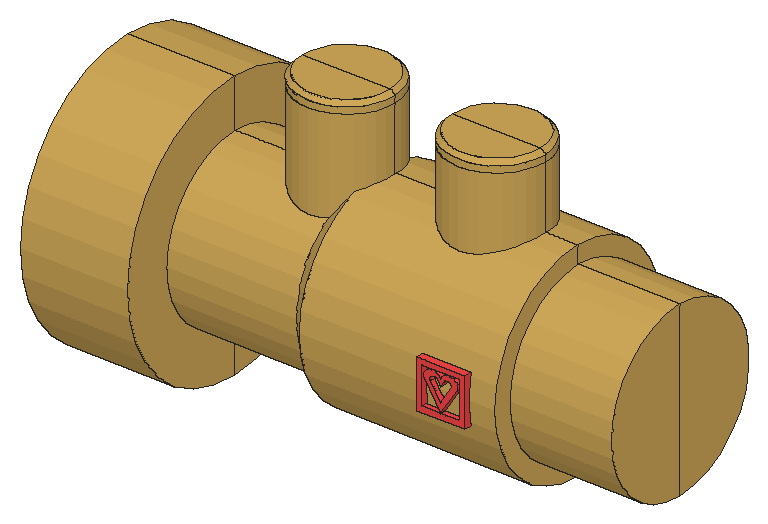
Revit family "Обратный клапан 2623", category Rohrzubehör, Revit 2020
Family settings
  Bemaßung runder Anschluss = Durchmesser verwenden
  Teiletyp = Unterbricht
  OmniClass-Nummer = 23.65.55.14
  OmniClass-Titel = Valves for Liquid Services
  Arbeitsebenenbasiert = Nein
  Immer vertikal = Ja
  Beim Laden mit Abzugskörper schneiden = Nein
  Gemeinsam genutzt = Nein
Parameters
  Уплотнение = "EPDM"  # constant formula
  Резьба = "согласно ISO 228"  # constant formula
  Примечание = "В соответствии со статьей 33 Регламента REACH (Registration; Evaluation; Authorisation; Restriction of Chemicals) (EC № 1907/2006) мы обязаны указать, что свинец внесен в список SVHC (Substances of Very High Concern - вещества очень высокой важности) и весовой процент свинца во всех латунных компонентах заводского изготовления в наших изделиях, превышает 0,1 % (w/w) (CAS: 7439-92-1 / EINECS: 231-100-4).\r\nПоскольку свинец является легирующим компонентом сплава, прямое негативное влияние исключается, и поэтому дополнительной информации о безопасном использовании не требуется."
  Область применения = "Может использоваться в системах отопления, в инженерных системах и сооружениях для предотвращения движения потока в обратном направлении.\r\nЭто изделие может использоваться с различными средами, при этом жидкости должны быть чистыми.\r\nКлапан может монтироваться в любом положении.\r\nНаправление движения потока указано стрелкой на корпусе клапана.\r\nОбратный клапан подпружинен с помощью осевой направляющей и может работать как при высоком, так и при низком давлении.\r\nВ корпусе есть два отверстия для замеров, в каждое из которых установлены заглушки 1/4\"."
  Номер заказа [instance] = size_lookup("2623_", "Artnr", 0, Nennweite)  # 1262304
  Мин. рабочая температура (вода) = 0.5 °C  # constant formula
  Мин. рабочая температура = -10 °C  # constant formula
  Макс. рабочее давление = 1600000.0 Pa  # constant formula
  Макс. рабочая температура = 95 °C  # constant formula
  Корпус = "штампованная латунь согласно EN 12420"  # constant formula
  W01 = 45.00°  # constant formula
  Vorgabe-Ansicht = 0.00 mm
  URL = "www.herz-armaturen.ru"
  Заглушка = "латунь"  # constant formula
  SC_NennweiteBerechnet = 0
  SC_Dimension = ""
  SCTWSEQ = "FW;SBT_TYP_FW=\"108\";2"
  SCTWCODE = "04;14;02"  # constant formula
  S03 = 10.00 mm  # constant formula
  S02 [instance] = L00 / 2  # 44.00 mm
  S01 [instance] = (L00 / 2) + L07 - L06  # 59.00 mm
  Обратный клапан = "POM (корпус),  NBR (O-Ring), нержавеющая сталь AISI 302 (пружина)"  # constant formula
  R01 = 9.00 mm  # constant formula
  Nennweite [instance] = 32.00 mm
  Среда = "чистая вода"  # constant formula
  LO1 [instance] = if(Nennweite = 20.00 mm, 18.00 mm, if(Nennweite = 25.00 mm, 18.00 mm, if(Nennweite = 32.00 mm, 24.00 mm, 1.00 mm)))  # 24.00 mm
  L07 [instance] = size_lookup("2623_", "L7", 1.00 mm, Nennweite)  # 20.00 mm
  L06 [instance] = size_lookup("2623_", "L6", 1.00 mm, Nennweite)  # 5.00 mm
  L05 [instance] = size_lookup("2623_", "L5", 1.00 mm, Nennweite) + L04  # 53.90 mm
  L04 [instance] = size_lookup("2623_", "L4", 1.00 mm, Nennweite)  # 25.90 mm
  L03 [instance] = size_lookup("2623_", "L3", 1.00 mm, Nennweite)  # 19.00 mm
  L02 [instance] = size_lookup("2623_", "L2", 1.00 mm, Nennweite)  # 32.50 mm
  L01 [instance] = size_lookup("2623_", "L1", 1.00 mm, Nennweite)  # 2.50 mm
  L00 [instance] = size_lookup("2623_", "L", 1.00 mm, Nennweite)  # 88.00 mm
  IG [instance] = Nennweite / 2  # 16.00 mm
  Hersteller = "HERZ Armaturen Ges.m.b.H."  # constant formula
  H02 = 2.00 mm  # constant formula
  H01 [instance] = size_lookup("2623_", "H1", 1.00 mm, Nennweite)  # 31.00 mm
  GT [instance] = size_lookup("2623_", "GT", 1.00 mm, Nennweite)  # 12.00 mm
  Накидная гайка = "штампованная латунь"  # constant formula
  D04 [instance] = size_lookup("2623_", "D4", 1.00 mm, Nennweite)  # 25.00 mm
  D03 [instance] = size_lookup("2623_", "D3", 1.00 mm, Nennweite)  # 19.30 mm
  D02 [instance] = size_lookup("2623_", "D2", 1.00 mm, Nennweite)  # 16.00 mm
  D01 [instance] = size_lookup("2623_", "D1", 1.00 mm, Nennweite)  # 18.90 mm
  AG [instance] = Nennweite / 2  # 16.00 mm
Reference planes
  plane 1 "Mitte (Vorne/hinten)": y = 0
  plane 2: z = 0
  plane 3 "Mitte (Links/rechts)": x = 0
Forms (mm)
  Revolve 1, solid, material "Messing, weicher Gelbton, geschweißt", detail levels fine
    sketch origin (0, 0, 0) x (1, 0, 0) y (0, 0, 1)
      loop
        line (-44, 0) -> (44, 0) -> (44, 16) -> (25, 16) -> (25, 19.3) -> (-11.5, 19.3) -> (-14.8, 16) -> (-41.5, 16) -> (-41.5, 18.9) -> (-44, 18.9) -> (-44, 0)
      axis (-44, 0) -> (44, 0)
    angle from 0 to 360
  Revolve 2, solid, material "Messing, weicher Gelbton, geschweißt", detail levels fine
    sketch origin (0, 0, 0) x (1, 0, 0) y (0, 0, 1)
      loop
        line (-18.1, 0) -> (-9.1, 0) -> (-9.1, 31) -> (-18.1, 31) -> (-18.1, 0)
      axis (-18.1, 31) -> (-18.1, 0)
    angle from 0 to 360
  Revolve 3, solid, material "Messing, weicher Gelbton, geschweißt", detail levels fine
    sketch origin (0, 0, 0) x (1, 0, 0) y (0, 0, 1)
      loop
        line (9.9, 0) -> (18.9, 0) -> (18.9, 31) -> (9.9, 31) -> (9.9, 0)
      axis (9.9, 31) -> (9.9, 0)
    angle from 0 to 360
  Revolve 4, solid, material "Messing, weicher Gelbton, geschweißt", detail levels fine
    sketch origin (0, 0, 0) x (1, 0, 0) y (0, 0, 1)
      loop
        line (-39, 0) -> (-39, 25) -> (-59, 25) -> (-59, 16) -> (-47, 16) -> (-47, 0) -> (-39, 0)
      axis (-59, 0) -> (-39, 0)
    angle from 0 to 360
  Revolve 5, solid, material "Messing, weicher Gelbton, geschweißt", detail levels fine
    sketch origin (0, 0, 0) x (1, 0, 0) y (0, 0, 1)
      loop
        line (-18.1, 31) -> (-9.1, 31) -> (-9.1, 32.2) -> (-9.9, 33) -> (-18.1, 33) -> (-18.1, 31)
      axis (-18.1, 33) -> (-18.1, 31)
    angle from 0 to 360
  Revolve 6, solid, material "Messing, weicher Gelbton, geschweißt", detail levels fine
    sketch origin (0, 0, 0) x (1, 0, 0) y (0, 0, 1)
      loop
        line (9.9, 31) -> (18.9, 31) -> (18.9, 32.2) -> (18.1, 33) -> (9.9, 33) -> (9.9, 31)
      axis (9.9, 31) -> (9.9, 33)
    angle from 0 to 360
Lines and regions (mm)
  model lines, detail levels coarse+medium
    curve 1: line (-59, 0, 25) -> (-59, 0, -25)
    curve 2: line (-59, 0, 25) -> (44, 0, -25)
    curve 3: line (44, 0, -25) -> (44, 0, 25)
    curve 4: circle (-59, 0, 25) r 10 normal (0, -1, 0)
    curve 5: line (-59, -25, 0) -> (-59, 25, 0)
    curve 6: line (-59, 25, 0) -> (44, -25, 0)
    curve 7: line (44, -25, 0) -> (44, 25, 0)
    curve 8: circle (-59, 25, 0) r 10 normal (0, 0, 1)
Dimensions and locks
  equal spacing: Revolve 1 sketch curve, plane 3 "Mitte (Links/rechts)", Revolve 1 sketch curve
  "L00": Revolve 1 sketch curve to Revolve 1 sketch curve
  "AG": Revolve 1 sketch curve to plane 2
  "L01": Revolve 1 sketch curve to Revolve 1 sketch curve
  "L02": Revolve 1 sketch curve to Revolve 1 sketch curve
  "D01": Revolve 1 sketch curve to plane 2
  "D02": Revolve 1 sketch curve to plane 2
  "D03": Revolve 1 sketch curve to plane 2
  "L03": Revolve 1 sketch curve to Revolve 1 sketch curve
  "R01": Revolve 2 sketch curve to Revolve 2 sketch curve
  "H01": Revolve 2 sketch curve to plane 2
  "L04": Revolve 1 to Revolve 2 sketch curve
  "L05": Revolve 1 to Revolve 3 sketch curve
  "R01": Revolve 3 sketch curve to Revolve 3 sketch curve
  "H01": Revolve 3 sketch curve to plane 2
  "D03": nested 1 to plane 1 "Mitte (Vorne/hinten)"
  "LO1": nested 1 to Revolve 1
  "L06": Revolve 1 to Revolve 4 sketch curve
  "L07": Revolve 4 sketch curve to Revolve 4 sketch curve
  "GT": Revolve 4 sketch curve to Revolve 4 sketch curve
  "D04": Revolve 4 sketch curve to plane 2
  "IG": Revolve 4 sketch curve to Revolve 4 sketch curve
  "H01": Revolve 5 sketch curve to plane 2
  "H02": Revolve 5 sketch curve to Revolve 5 sketch curve
  "R01": Revolve 5 sketch curve to Revolve 5 sketch curve
  "L04": Revolve 1 to Revolve 5 sketch curve
  "R01": Revolve 6 sketch curve to Revolve 6 sketch curve
  "H01": Revolve 6 sketch curve to plane 2
  "H02": Revolve 6 sketch curve to Revolve 6 sketch curve
  "L05": Revolve 6 sketch curve to Revolve 1
  "D04": curve 2 to plane 2 to curve 1
  "D04": curve 3 to plane 2 to curve 3
  "S01": curve 1 to plane 3 "Mitte (Links/rechts)"
  "S02": curve 3 to plane 3 "Mitte (Links/rechts)"
  "S01": plane 3 "Mitte (Links/rechts)" to curve 4
  "D04": curve 5 to plane 1 "Mitte (Vorne/hinten)" to curve 6
  "D04": curve 7 to plane 1 "Mitte (Vorne/hinten)" to curve 7
  "S01": curve 5 to plane 3 "Mitte (Links/rechts)"
  "S02": plane 3 "Mitte (Links/rechts)" to curve 7
  "S01": curve 8 to plane 3 "Mitte (Links/rechts)"
  "S03": radius of curve 4
  "S03": radius of curve 8
  "W01": angle Revolve 1 sketch curve to Revolve 1 sketch curve
  "W01": angle Revolve 5 sketch curve to Revolve 5 sketch curve
  "W01": angle Revolve 6 sketch curve to Revolve 6 sketch curve
  aligned and locked: level to plane 2
Automatic sketch dimensions
  curve 4 to curve 1 = 0.00 mm
  curve 8 to curve 5 = 0.00 mm
  Revolve 1 sketch curve to level = 0.00 mm  (x2)
  Revolve 1 sketch curve to Revolve 1 sketch curve = 0.00 mm
  Revolve 1 sketch curve to Revolve 1 sketch curve = 1805.148 mm
  Revolve 2 sketch curve to level = 0.00 mm  (x2)
  Revolve 2 sketch curve to Revolve 2 sketch curve = 0.00 mm  (x2)
  Revolve 3 sketch curve to level = 0.00 mm  (x2)
  Revolve 3 sketch curve to Revolve 3 sketch curve = 0.00 mm  (x2)
  Revolve 4 sketch curve to level = 0.00 mm  (x2)
  Revolve 4 sketch curve to Revolve 4 sketch curve = 1461.53 mm
  plane 3 "Mitte (Links/rechts)" to Revolve 4 sketch curve = 1839.148 mm
  Revolve 5 sketch curve to Revolve 5 sketch curve = 0.00 mm  (x3)
  Revolve 5 sketch curve to Revolve 5 sketch curve = 0.80 mm
  Revolve 6 sketch curve to Revolve 6 sketch curve = 0.00 mm  (x3)
  Revolve 6 sketch curve to Revolve 6 sketch curve = 0.80 mm
Nested families
  nested 1: "Herz-Logo-vorne" at (15.5, -19.3, 0) x (0, 1, 0) z (0, 0, 1), type "Herz-Logo-vorne", detail levels fine
Connectors
  piping at (44, 0, 0), diameter 32, driven by "Nennweite"
    settings: on Revolve 1, index 2, connector inside diameter 609.6 mm, connector length 0.00 mm, flow factor 0, pipe flow 0.0 L/s, pressure drop 0.0 Pa, fitting loss kfactor 0, connector angle 0.00°, fixture units 0, engagement length 0.00 mm, angle of deflection 0.00°, flow configuration 0, flow direction 2, fitting loss method 0, system type 29, joint type 0, gender type 0, connector reference index -1, connector utility 0, adjustable connector no, is connector primary yes, connector description ""
  piping at (-47, 0, 0), diameter 32, driven by "Nennweite"
    settings: on Revolve 4, index 3, connector inside diameter 609.6 mm, connector length 0.00 mm, flow factor 0, pipe flow 0.0 L/s, pressure drop 0.0 Pa, fitting loss kfactor 0, connector angle 0.00°, fixture units 0, engagement length 0.00 mm, angle of deflection 0.00°, flow configuration 0, flow direction 1, fitting loss method 0, system type 29, joint type 0, gender type 0, connector reference index -1, connector utility 0, adjustable connector no, is connector primary no, connector description ""
Definition of nested family "Herz-Logo-vorne"
  Parameters (values of type "Herz-Logo-vorne")
    Default Elevation = 0.00 mm
  Reference planes
    plane 1 "Mitte (Vorne/hinten)": y = 0
    plane 2: z = 0
    plane 3 "Mitte (Links/rechts)": x = 0
  Forms (mm)
    Extrusion 1, solid
      sketch origin (0.732, -0.018, 0.017) x (0, -1, 0) y (0, 0, 1)
        loop
          line (-0.018, -4.517) -> (4.482, -4.517) -> (4.482, 4.483) -> (-4.518, 4.483) -> (-4.518, -4.517) -> (-0.018, -4.517)
        loop
          line (-0.05, -3.48) -> (3.482, -3.48) -> (3.482, 3.483) -> (-3.518, 3.483) -> (-3.518, -3.48) -> (-0.05, -3.48)
        loop
          arc (-0.018, 2.383) -> (-1.543, 3.287) -> (-3.067, 2.383) r 1.738
          arc (-3.067, 2.383) -> (-3.191, 1.899) -> (-3.067, 1.415) r 1.009
          line (-3.067, 1.415) -> (-0.018, -3.281) -> (3.032, 1.415)
          arc (3.032, 1.415) -> (3.156, 1.899) -> (3.032, 2.383) r 1.009
          arc (3.032, 2.383) -> (1.507, 3.287) -> (-0.018, 2.383) r 1.738
        loop
          arc (1.885, 1.272) -> (2.005, 1.675) -> (1.885, 2.079) r 0.74
          arc (1.885, 2.079) -> (1.265, 2.416) -> (0.644, 2.079) r 0.74
          line (0.644, 2.079) -> (-0.018, 0.97) -> (-0.679, 2.079)
          arc (-0.679, 2.079) -> (-1.3, 2.416) -> (-1.921, 2.079) r 0.74
          arc (-1.921, 2.079) -> (-2.04, 1.675) -> (-1.921, 1.272) r 0.74
          line (-1.921, 1.272) -> (-0.018, -1.658) -> (1.885, 1.272)
      from 0 to 1.5
  Dimensions and locks
    aligned and locked: level to plane 2
